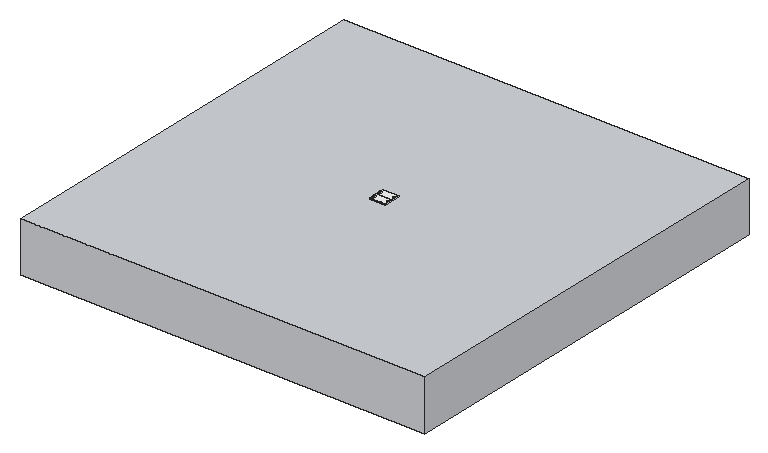
Revit family "Gira_5052003", category Elektroinstallationen, Revit 2017
Family settings
  Basisbauteil = Fläche
  Beschriftungsausrichtung beibehalten = Nein
  Bemaßung runder Anschluss = Durchmesser verwenden
  Teiletyp = Normal
  Beim Laden mit Abzugskörper schneiden = Nein
  Gemeinsam genutzt = Nein
  Raumberechnungspunkt = Nein
Parameters (values of type "Tastsens.4 24 V 2f TS4 Weiß")
  White = White
  Werkstoffgüte = "sonstige"
  Werkstoff Text = "sonstige"
  Default Elevation = 1219.2 mm
  URL = "https://www.gira.de/"
  Typname = "Tastsens.4 24 V 2f TS4 Weiß"
  Type Comments = ""
  Transparent = no
  Schutzart (IP) = "IP20"
  Produktseite = "https://media.stage.bim.site/t/eyJhbGciOiJIUzI1NiIsInR5cCI6IkpXVCJ9.eyJjdCI6MiwidHUiOiJodHRwOi8va2F0YWxvZy5naXJhLmRlL2RlX0RFL2RhdGVuYmxhdHQuaHRtbD9hcnRpa2VsbnI9NTA1MjAwMyIsImNpZCI6IjMyNzdjYzIzLTgxYTktNGVlMy1hOTBhLWI0N2JiNGMwYjYxNiIsInJpZCI6ImU5ZTBiZTUwODE3MWMyMTNkNjYxMjJjZDRjMmZiYjkzIiwicGlkIjoiNzFiMDZjNmEwMDU1MTRmZGVkYTVmMzljZjA4NzMyOTExMjBkODkxOSIsInNpZCI6IjYzNDcwIiwidXQiOjEsImxjIjoiZGUiLCJpYXQiOjE2MDA5NDQwNjksImlzcyI6Imh0dHBzOi8vYXBpLmxpdmUuYmltLnNpdGUiLCJzdWIiOiJhZG1pbkBiaW1zaXRlLmRldiJ9.JoPBzY69t5t7sQrIKaM_AT7vXUDAriURj6Iw2VwiPHQ"
  Oberfläche Text = "sonstige"
  Montageart = "Unterputz"
  Model = ""
  Mit Raumthermostat = no
  Mit LED-Anzeige = yes
  Mit Infrarotsensor = no
  Mit Display = no
  Mit Diebstahl-/Demontageschutz = yes
  Mit Busankopplung = no
  Mit Beschriftungsfeld = no
  Kosten = 0
  Hersteller = "Gira"
  HeinzeBIM = "https://www.heinze.de/bim/tastsens-4-24-v-2f-ts4-weiss/71b06c6a005514fdeda5f39cf0873291120d8919"
  HAN = "5052003"
  GTIN = "4010337074946"
  Funk bidirektional = no
  Farbe = "weiß"
  Datenblatt 1 = "https://media.stage.bim.site/t/eyJhbGciOiJIUzI1NiIsInR5cCI6IkpXVCJ9.eyJjdCI6MSwidGYiOiJwdWJsaWMvZ2lyYS9hZThjNTU3LzUwNTIwMDMudHh0IiwiY2lkIjoiMzI3N2NjMjMtODFhOS00ZWUzLWE5MGEtYjQ3YmI0YzBiNjE2IiwicmlkIjoiZTllMGJlNTA4MTcxYzIxM2Q2NjEyMmNkNGMyZmJiOTMiLCJwaWQiOiI3MWIwNmM2YTAwNTUxNGZkZWRhNWYzOWNmMDg3MzI5MTEyMGQ4OTE5Iiwic2lkIjoiNjM0NzAiLCJ1dCI6MSwibGMiOiJkZSIsImlhdCI6MTYwMDk0NDA2OSwiaXNzIjoiaHR0cHM6Ly9hcGkubGl2ZS5iaW0uc2l0ZSIsInN1YiI6ImFkbWluQGJpbXNpdGUuZGV2In0.0w51o9pPr68JSdygIj-Vb_Uzi8qgoiPMVxdz1aKOpdM/5052003.txt"
  Datenblatt = "https://media.stage.bim.site/t/eyJhbGciOiJIUzI1NiIsInR5cCI6IkpXVCJ9.eyJjdCI6MSwidHUiOiJodHRwczovL2thdGFsb2cuZ2lyYS5kZS9kZV9ERS9kb3dubG9hZC5odG1sP2FydGlrZWxucj01MDUyMDAzIiwiY2lkIjoiMzI3N2NjMjMtODFhOS00ZWUzLWE5MGEtYjQ3YmI0YzBiNjE2IiwicmlkIjoiZTllMGJlNTA4MTcxYzIxM2Q2NjEyMmNkNGMyZmJiOTMiLCJwaWQiOiI3MWIwNmM2YTAwNTUxNGZkZWRhNWYzOWNmMDg3MzI5MTEyMGQ4OTE5Iiwic2lkIjoiNjM0NzAiLCJ1dCI6MSwibGMiOiJkZSIsImlhdCI6MTYwMDk0NDA2OSwiaXNzIjoiaHR0cHM6Ly9hcGkubGl2ZS5iaW0uc2l0ZSIsInN1YiI6ImFkbWluQGJpbXNpdGUuZGV2In0.4eT-M77-dBwWjeJYAvhYENj3Sx46loh74UjZfk6eAAQ"
  Bussystem Powernet = no
  Bussystem LON = no
  Bussystem KNX-Funk = no
  Bussystem KNX = yes
  Bussystem Funkbus = no
  Beschreibung = "Tastsensor 4 24 V 2fach  Weiß Merkmale:  Tastsensor 4 zum Anschluss an 24 V Steuersysteme.  Zwei weiße Status-LEDs pro Wippe.  Messung der Raumtemperatur mit integriertem Temperatursensor (PT1000).  Hinweise :  Nur für SELV-Stromkreise geeignet.  Professionelle Beschriftung über den Gira Beschriftungsservice www.beschriftung.gira.de.  Der Tastsensor wird mit einer programmneutralen Inbetriebnahme-Wippe geliefert. Das passende Wippenset zum Schalterprogramm ist separat zu bestellen."
  Assembly Code = ""
  Keynote = ""
  BIMSITE_PRODUCT_ID = "71b06c6a005514fdeda5f39cf0873291120d8919"
  BIM = "https://media.stage.bim.site/t/eyJhbGciOiJIUzI1NiIsInR5cCI6IkpXVCJ9.eyJjdCI6MSwidGYiOiJwdWJsaWMvZ2lyYS9hZThjNTU3LzQwXzUwMDIwMCBUUzQgMmZhY2gucmZhIiwiY2lkIjoiMzI3N2NjMjMtODFhOS00ZWUzLWE5MGEtYjQ3YmI0YzBiNjE2IiwicmlkIjoiZTllMGJlNTA4MTcxYzIxM2Q2NjEyMmNkNGMyZmJiOTMiLCJwaWQiOiI3MWIwNmM2YTAwNTUxNGZkZWRhNWYzOWNmMDg3MzI5MTEyMGQ4OTE5Iiwic2lkIjoiNjM0NzAiLCJ1dCI6NSwibGMiOiJkZSIsImlhdCI6MTYwMDk0NDA2OSwiaXNzIjoiaHR0cHM6Ly9hcGkubGl2ZS5iaW0uc2l0ZSIsInN1YiI6ImFkbWluQGJpbXNpdGUuZGV2In0.AuIquFPFMm8XvkSg3pXkzy9UDiMAASrBKAiDAxzX91M/40_500200 TS4 2fach.rfa"
  Anzahl der Tasten = 2
  Anzahl der Betätigungspunkte = 4
  Andere Bussysteme = "ohne"
Reference planes
  plane 1 "Center (Front/Back)": y = 0
  plane 2: z = 0
  plane 3 "Center (Left/Right)": x = 0
Forms (mm)
  Extrusion 1, solid
    sketch origin (0, 0, 0) x (1, 0, 0) y (0, 1, 0)
      loop
        line (-1219.2, 1219.2) -> (-1219.2, -1219.2) -> (1219.2, -1219.2) -> (1219.2, 1219.2) -> (-1219.2, 1219.2)
    from 0 to -304.8
  Extrusion 2, solid, material "White", detail levels fine
    sketch origin (0, 0, 0) x (1, 0, 0) y (0, 1, 0)
      loop
        line (25.45, 35.45) -> (-25.45, 35.45)
        arc (-25.45, 35.45) -> (-32.521, 32.521) -> (-35.45, 25.45) r 10
        line (-35.45, 25.45) -> (-35.45, -25.45)
        arc (-35.45, -25.45) -> (-32.521, -32.521) -> (-25.45, -35.45) r 10
        line (-25.45, -35.45) -> (25.45, -35.45)
        arc (25.45, -35.45) -> (32.521, -32.521) -> (35.45, -25.45) r 10
        line (35.45, -25.45) -> (35.45, 25.45)
        arc (35.45, 25.45) -> (32.521, 32.521) -> (25.45, 35.45) r 10
      loop
        arc (-31.325, 28.496) -> (-31.325, 25.668) -> (-28.496, 25.668) r 2
        line (-28.496, 25.668) -> (-25.668, 28.496)
        arc (-25.668, 28.496) -> (-25.668, 31.325) -> (-28.496, 31.325) r 2
        line (-28.496, 31.325) -> (-31.325, 28.496)
      loop
        arc (-28.496, -31.325) -> (-25.668, -31.325) -> (-25.668, -28.496) r 2
        line (-25.668, -28.496) -> (-28.496, -25.668)
        arc (-28.496, -25.668) -> (-31.325, -25.668) -> (-31.325, -28.496) r 2
        line (-31.325, -28.496) -> (-28.496, -31.325)
      loop
        line (31.325, 28.496) -> (28.496, 31.325)
        arc (28.496, 31.325) -> (25.668, 31.325) -> (25.668, 28.496) r 2
        line (25.668, 28.496) -> (28.496, 25.668)
        arc (28.496, 25.668) -> (31.325, 25.668) -> (31.325, 28.496) r 2
      loop
        line (28.496, -31.325) -> (31.325, -28.496)
        arc (31.325, -28.496) -> (31.325, -25.668) -> (28.496, -25.668) r 2
        line (28.496, -25.668) -> (25.668, -28.496)
        arc (25.668, -28.496) -> (25.668, -31.325) -> (28.496, -31.325) r 2
      loop
        line (-13.39, 22.831) -> (-22.831, 13.39) -> (-22.831, -13.39) -> (-13.39, -22.831) -> (13.39, -22.831) -> (22.831, -13.39) -> (22.831, 13.39) -> (13.39, 22.831) -> (-13.39, 22.831)
      loop
        arc (-1.681, 31.793) -> (-6.669, 29.581) -> (-1.417, 28.102) r 2.9
        arc (-1.417, 28.102) -> (2.178, 28.079) -> (5.741, 27.6) r 28.291
        arc (5.741, 27.6) -> (7.553, 29.282) -> (6.077, 31.265) r 1.851
        arc (6.077, 31.265) -> (2.215, 31.784) -> (-1.681, 31.793) r 29.64
      loop
        arc (1.681, -31.793) -> (6.669, -29.581) -> (1.417, -28.102) r 2.9
        arc (1.417, -28.102) -> (-2.178, -28.079) -> (-5.741, -27.6) r 28.291
        arc (-5.741, -27.6) -> (-7.553, -29.282) -> (-6.077, -31.265) r 1.851
        arc (-6.077, -31.265) -> (-2.215, -31.784) -> (1.681, -31.793) r 29.64
      loop
        arc (-31.793, -1.681) -> (-29.581, -6.669) -> (-28.102, -1.417) r 2.9
        arc (-28.102, -1.417) -> (-28.079, 2.178) -> (-27.6, 5.741) r 28.291
        arc (-27.6, 5.741) -> (-29.282, 7.553) -> (-31.265, 6.077) r 1.851
        arc (-31.265, 6.077) -> (-31.784, 2.215) -> (-31.793, -1.681) r 29.64
      loop
        arc (31.793, 1.681) -> (29.581, 6.669) -> (28.102, 1.417) r 2.9
        arc (28.102, 1.417) -> (28.079, -2.178) -> (27.6, -5.741) r 28.291
        arc (27.6, -5.741) -> (29.282, -7.553) -> (31.265, -6.077) r 1.851
        arc (31.265, -6.077) -> (31.784, -2.215) -> (31.793, 1.681) r 29.64
    from 0 to -1
  Extrusion 3, solid, material "White", detail levels medium+fine
    sketch origin (0, 0, 0) x (1, 0, 0) y (0, 1, 0)
      loop
        line (-22.831, 13.39) -> (-22.831, -13.39) -> (-13.39, -22.831) -> (13.39, -22.831) -> (22.831, -13.39) -> (22.831, 13.39) -> (13.39, 22.831) -> (-13.39, 22.831) -> (-22.831, 13.39)
    from 0 to -15.5
  Extrusion 4, solid, material "White", detail levels medium
    sketch origin (0, 0, 0) x (1, 0, 0) y (0, 1, 0)
      loop
        line (35.45, 35.45) -> (-35.45, 35.45) -> (-35.45, -35.45) -> (35.45, -35.45) -> (35.45, 35.45)
    from 0 to -1
  Extrusion 5, solid, material "White" <- "White", detail levels fine
    sketch origin (0, 0, 0) x (1, 0, 0) y (0, 1, 0)
      loop
        arc (-41.4, 44.4) -> (-43.521, 43.521) -> (-44.4, 41.4) r 3
        line (-44.4, 41.4) -> (-44.4, -41.4)
        arc (-44.4, -41.4) -> (-43.521, -43.521) -> (-41.4, -44.4) r 3
        line (-41.4, -44.4) -> (41.4, -44.4)
        arc (41.4, -44.4) -> (43.521, -43.521) -> (44.4, -41.4) r 3
        line (44.4, -41.4) -> (44.4, 41.4)
        arc (44.4, 41.4) -> (43.521, 43.521) -> (41.4, 44.4) r 3
        line (41.4, 44.4) -> (-41.4, 44.4)
      loop
        arc (-42.4, -41.4) -> (-42.107, -42.107) -> (-41.4, -42.4) r 1
        line (-41.4, -42.4) -> (41.4, -42.4)
        arc (41.4, -42.4) -> (42.107, -42.107) -> (42.4, -41.4) r 1
        line (42.4, -41.4) -> (42.4, 41.4)
        arc (42.4, 41.4) -> (42.107, 42.107) -> (41.4, 42.4) r 1
        line (41.4, 42.4) -> (-41.4, 42.4)
        arc (-41.4, 42.4) -> (-42.107, 42.107) -> (-42.4, 41.4) r 1
        line (-42.4, 41.4) -> (-42.4, -41.4)
    from 0 to 4
  Extrusion 6, solid, material "White" <- "White", detail levels medium
    sketch origin (0, 0, 0) x (1, 0, 0) y (0, 1, 0)
      loop
        line (-44.4, 44.4) -> (-44.4, -44.4) -> (44.4, -44.4) -> (44.4, 44.4) -> (-44.4, 44.4)
    from 0 to 4
  Extrusion 7, solid, material "White" <- "White", detail levels fine
    sketch origin (0, 0, 0) x (1, 0, 0) y (0, 1, 0)
      loop
        line (-46.5, -47.5) -> (46.5, -47.5)
        arc (46.5, -47.5) -> (47.207, -47.207) -> (47.5, -46.5) r 1
        line (47.5, -46.5) -> (47.5, 46.5)
        arc (47.5, 46.5) -> (47.207, 47.207) -> (46.5, 47.5) r 1
        line (46.5, 47.5) -> (-46.5, 47.5)
        arc (-46.5, 47.5) -> (-47.207, 47.207) -> (-47.5, 46.5) r 1
        line (-47.5, 46.5) -> (-47.5, -46.5)
        arc (-47.5, -46.5) -> (-47.207, -47.207) -> (-46.5, -47.5) r 1
    from 4 to 9
  Extrusion 8, solid, material "White" <- "White", detail levels medium
    sketch origin (0, 0, 0) x (1, 0, 0) y (0, 1, 0)
      loop
        line (-47.5, -47.5) -> (47.5, -47.5) -> (47.5, -0.2) -> (-47.5, -0.2) -> (-47.5, -47.5)
      loop
        line (47.5, 0.2) -> (47.5, 47.5) -> (-47.5, 47.5) -> (-47.5, 0.2) -> (47.5, 0.2)
    from 4 to 10.7
  Extrusion 9, solid, material "White" <- "White", detail levels fine
    sketch origin (0, 0, 0) x (1, 0, 0) y (0, 1, 0)
      loop
        line (-46.5, -47.5) -> (46.5, -47.5)
        arc (46.5, -47.5) -> (47.207, -47.207) -> (47.5, -46.5) r 1
        line (47.5, -46.5) -> (47.5, -1.2)
        arc (47.5, -1.2) -> (47.207, -0.493) -> (46.5, -0.2) r 1
        line (46.5, -0.2) -> (-46.5, -0.2)
        arc (-46.5, -0.2) -> (-47.207, -0.493) -> (-47.5, -1.2) r 1
        line (-47.5, -1.2) -> (-47.5, -46.5)
        arc (-47.5, -46.5) -> (-47.207, -47.207) -> (-46.5, -47.5) r 1
      loop
        line (47.5, 1.2) -> (47.5, 46.5)
        arc (47.5, 46.5) -> (47.207, 47.207) -> (46.5, 47.5) r 1
        line (46.5, 47.5) -> (-46.5, 47.5)
        arc (-46.5, 47.5) -> (-47.207, 47.207) -> (-47.5, 46.5) r 1
        line (-47.5, 46.5) -> (-47.5, 1.2)
        arc (-47.5, 1.2) -> (-47.207, 0.493) -> (-46.5, 0.2) r 1
        line (-46.5, 0.2) -> (46.5, 0.2)
        arc (46.5, 0.2) -> (47.207, 0.493) -> (47.5, 1.2) r 1
    from 9.3 to 10.3
  Extrusion 10, solid, material "White" <- "White", detail levels fine
    sketch origin (0, 0, 0) x (1, 0, 0) y (0, 1, 0)
      loop
        line (-37.5, 28.8) -> (-47.5, 28.8) -> (-47.5, 28) -> (-37.5, 28)
        arc (-37.5, 28) -> (-33.3, 23.8) -> (-37.5, 19.6) r 4.2
        line (-37.5, 19.6) -> (-47.5, 19.6) -> (-47.5, 18.8) -> (-37.5, 18.8)
        arc (-37.5, 18.8) -> (-32.5, 23.8) -> (-37.5, 28.8) r 5
      loop
        arc (37.5, 28.8) -> (32.5, 23.8) -> (37.5, 18.8) r 5
        line (37.5, 18.8) -> (47.5, 18.8) -> (47.5, 19.6) -> (37.5, 19.6)
        arc (37.5, 19.6) -> (33.3, 23.8) -> (37.5, 28) r 4.2
        line (37.5, 28) -> (47.5, 28) -> (47.5, 28.8) -> (37.5, 28.8)
      loop
        arc (-37.5, -28.8) -> (-32.5, -23.8) -> (-37.5, -18.8) r 5
        line (-37.5, -18.8) -> (-47.5, -18.8) -> (-47.5, -19.6) -> (-37.5, -19.6)
        arc (-37.5, -19.6) -> (-33.3, -23.8) -> (-37.5, -28) r 4.2
        line (-37.5, -28) -> (-47.5, -28) -> (-47.5, -28.8) -> (-37.5, -28.8)
      loop
        line (37.5, -28.8) -> (47.5, -28.8) -> (47.5, -28) -> (37.5, -28)
        arc (37.5, -28) -> (33.3, -23.8) -> (37.5, -19.6) r 4.2
        line (37.5, -19.6) -> (47.5, -19.6) -> (47.5, -18.8) -> (37.5, -18.8)
        arc (37.5, -18.8) -> (32.5, -23.8) -> (37.5, -28.8) r 5
    from 9.5 to 10.7
  Extrusion 11, solid, material "White" <- "White", detail levels coarse
    sketch origin (0, 0, 0) x (1, 0, 0) y (0, 1, 0)
      loop
        line (-47.5, -47.5) -> (47.5, -47.5) -> (47.5, 47.5) -> (-47.5, 47.5) -> (-47.5, -47.5)
    from -15.4 to 10.7
Lines and regions (mm)
  reference lines
    curve 1: line (0, 47.5, 0) -> (0, -47.5, 0)
    curve 2: line (-47.5, 0, 0) -> (47.5, 0, 0)
Dimensions and locks
  aligned and locked: plane 2 to Extrusion 1
  aligned and locked: level to Extrusion 1
Connectors
  electrical at (0, 0, -15.5)
    settings: on Extrusion 3, index 1, voltage 220 V, apparent load 0 VA, apparent load phase1 0 VA, apparent load phase2 0 VA, apparent load phase3 0 VA, power factor 1, load classification "Other", number of poles 1, system type 31, power factor state 1, is connector primary yes, connector utility no, sub classification motor no, connector description ""
